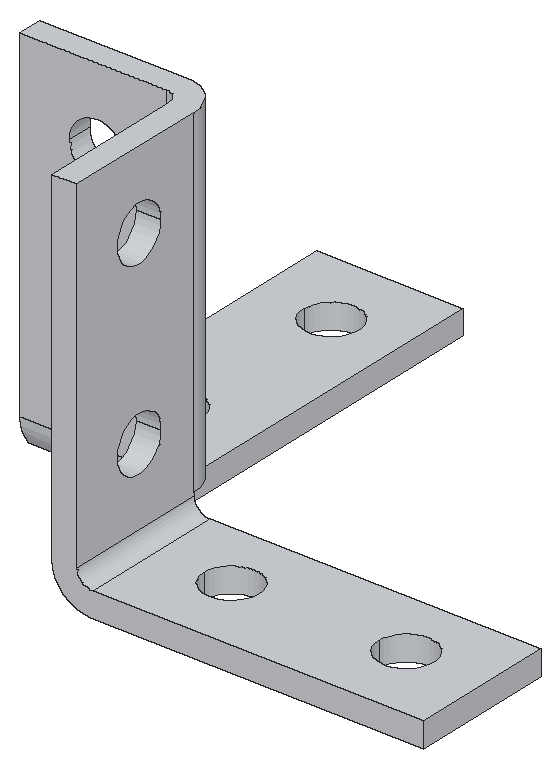
Revit family "Fitting-Wing_Shape-Unistrut-P2225", category Specialty Equipment, Revit 2012
Parameters (values of type "P2225")
  ecoScorecard_data = "http://products.ecoscorecard.com/atkore/P2225"
  ecoScorecard Product Page = "http://products.ecoscorecard.com/atkore/P2225?action=html"
  Weight Per Piece = 1.55 lbf
  Unit = none
  Unistrut Part Number = "P2225"  # constant formula
  URL = "http://unistrut.us/index.php"
  Thickness = 1/4"
  Subcategory = "Wing Shape Fittings"  # constant formula
  Product Page URL = "http://unistrut.us/index.php?WP=cat_detail&S=S05&P=P2225"
  Power Strut Part Number = "PS 667"  # constant formula
  Part Type = "Fitting"  # constant formula
  Overall Width = 5 3/8"
  Overall Length = 5 3/8"
  Overall Height = 3 7/8"
  Model = "P2225"
  Material = ""
  Manufacturer Phone - Toll Free = "800-882-5543"  # constant formula
  Manufacturer Phone = "708-339-1610"  # constant formula
  Manufacturer Fax = "708-339-7814"  # constant formula
  Manufacturer Email = "mailto:questions@atkore.com"
  Manufacturer Address = "16100 South Lathrop Avenue, Harvey, IL 60426"  # constant formula
  Manufacturer = "Unistrut by Atkore International"  # constant formula
  Load Capacity Note = "Visit the product page for load application and capacity."  # constant formula
  Literature URL = "http://unistrut.us/index.php?WP=LItLibrary"
  Hole Diameter = 9/16"
  Cost Info = "mailto:questions@atkore.com"
  CAD URL = "http://unistrut.us/index.php?WP=CAD3d"
  Assembly Code = "D5020100"
  95 CSI = "16070"  # constant formula
  04 CSI = "26 05 48"  # constant formula
Reference planes (in)
  plane 1 "Center (Front/Back)": y = 0
  plane 2: z = 0
  plane 3 "Center (Left/Right)": x = 0
  plane 4: z = 3.875
  plane 5: x = -2.6875
  plane 6: x = 2.6875
  plane 7: y = -1.05444
  plane 8: y = 2.69556
  plane 9: x = -1.0625
  plane 10: x = 2.6875
  plane 11: y = -2.67944
  plane 12: z = 0.25
Dimensions and locks (in)
  "Overall Height": plane 4 to plane 2
  equal spacing: plane 5, plane 3 "Center (Left/Right)", plane 6
  "Overall Width": plane 5 to plane 6
  plane 9 to plane 10 = 3 3/4"
  "Overall Length": plane 8 to plane 11
  "Thickness": plane 12 to plane 2
  aligned and locked: level to plane 2
  aligned and locked: plane 3 "Center (Left/Right)" to nested 1
  aligned and locked: nested 1 to plane 7
Nested families (in)
  nested 1: "2225" at (-0.00767, 0, 0), type "2225"
Definition of nested family "2225"
  Parameters (values of type "2225")
    Width = 5 3/8"
    Unit = none
    Thickness = 1/4"
    Height = 3 7/8"
    Radiuis = Diameter / 2  # 9/32"
    Length = 5 3/8"
    Diameter = 9/16"
    Default Elevation = 0"
    Bolt Length [instance] = 1 1/2"
  Reference planes (in)
    plane 1 "Center (Front/Back)": y = 0.00806
    plane 2: z = 0
    plane 3 "Center (Left/Right)": x = 0.00767
    plane 4: z = 3.875
    plane 5: y = -1.05444
    plane 6: y = 2.69556
    plane 7: y = -2.67944
    plane 8: x = -1.05483
    plane 9: x = 2.69517
    plane 10: x = -2.67983
    plane 11: y = -1.05444
    plane 12: z = 0.3937
    plane 13: y = -2.67944
  Forms (in)
    Extrusion 1, solid
      sketch origin (0, 0.00806, 0) x (1, 0, 0) y (0, 0, 1)
        loop
          line (-0.80483, 0.40748) -> (-0.80483, 3.875) -> (-1.05483, 3.875) -> (-1.05483, 0.3937)
          arc (-1.05483, 0.3937) -> (-0.93951, 0.11531) -> (-0.66113, 0) r 0.3937
          line (-0.66113, 0) -> (2.69517, 0) -> (2.69517, 0.25) -> (-0.64735, 0.25)
          arc (-0.64735, 0.25) -> (-0.7587, 0.29612) -> (-0.80483, 0.40748) r 0.15748
      from 1.21192 to 2.6875
    Extrusion 2, solid
      sketch origin (0.00767, 0, 0) x (0, 1, 0) y (0, 0, 1)
        loop
          line (-0.80444, 3.875) -> (-1.05444, 3.875) -> (-1.05444, 0.3937)
          arc (-1.05444, 0.3937) -> (-0.93913, 0.11531) -> (-0.66074, 0) r 0.3937
          line (-0.66074, 0) -> (2.69556, 0) -> (2.69556, 0.25) -> (-0.64696, 0.25)
          arc (-0.64696, 0.25) -> (-0.75832, 0.29612) -> (-0.80444, 0.40748) r 0.15748
          line (-0.80444, 0.40748) -> (-0.80444, 3.875)
      from -2.6875 to -1.21231
    Extrusion 3, solid
      sketch origin (0, 0, 0) x (1, 0, 0) y (0, 1, 0)
        loop
          line (-1.20463, -0.80444) -> (-1.20463, -1.05444)
          arc (-1.20463, -1.05444) -> (-1.09873, -1.09807) -> (-1.05483, -1.20386) r 0.14942
          line (-1.05483, -1.20386) -> (-0.80483, -1.20386)
          arc (-0.80483, -1.20386) -> (-0.92206, -0.92141) -> (-1.20463, -0.80444) r 0.39981
      from 0.43971 to 3.875
    Extrusion 4, void
      sketch origin (0, 0.00806, 0) x (1, 0, 0) y (0, 0, 1)
        loop
          circle (-1.89725, 3.08468) r 0.28125
        loop
          circle (-1.89725, 1.18065) r 0.28125
      from 0.8125 to 1.0625
    Extrusion 5, void
      sketch origin (0.00767, 0, 0) x (0, 1, 0) y (0, 0, 1)
        loop
          circle (-1.89713, 3.08842) r 0.28125
        loop
          circle (-1.89713, 1.18237) r 0.28125
      from -1.0625 to -0.8125
    Extrusion 6, void
      sketch origin (0, 0, 0) x (1, 0, 0) y (0, 1, 0)
        loop
          circle (1.89565, -1.89713) r 0.28125
        loop
          circle (0.1328, -1.89713) r 0.28125
        loop
          circle (-1.99331, 0.0326) r 0.28125
        loop
          circle (-1.90351, 1.90426) r 0.28125
      from 0 to 0.25
  Cuts and joins
    Extrusion 5, Extrusion 6 cuts Extrusion 1
    Extrusion 4, Extrusion 6 cuts Extrusion 2
    joined: Extrusion 1, Extrusion 2, Extrusion 3
  Dimensions and locks (in)
    level to Extrusion 1 = 3 7/8"
    level to Extrusion 2 = 3 7/8"
    "Height": plane 4 to plane 2
    plane 6 to plane 5 = 3 3/4"
    "Length": plane 6 to plane 7
    plane 8 to plane 9 = 3 3/4"
    "Length": plane 10 to plane 9
    equal spacing: plane 10, plane 3 "Center (Left/Right)", plane 9
    equal spacing: plane 6, plane 1 "Center (Front/Back)", plane 7
    "Thickness": Extrusion 2 sketch curve to plane 11
    "Thickness": Extrusion 2 sketch curve to Extrusion 2 sketch curve
    "Thickness": plane 8 to Extrusion 1 sketch curve
    "Thickness": Extrusion 1 sketch curve to plane 2
    plane 6 to plane 13 = 5 3/8"
    "Radiuis": radius of Extrusion 4 sketch curve  (x2)
    "Radiuis": radius of Extrusion 5 sketch curve  (x2)
    "Radiuis": radius of Extrusion 6 sketch curve  (x4)
    aligned and locked: level to plane 2
    aligned and locked: plane 4 to Extrusion 1 sketch curve
    aligned and locked: plane 4 to Extrusion 2 sketch curve
    aligned and locked: plane 6 to Extrusion 2 sketch curve
    aligned and locked: plane 9 to Extrusion 1 sketch curve
    aligned and locked: Extrusion 2 to Extrusion 4
    aligned and locked: Extrusion 6 to level
    aligned and locked: Extrusion 6 to Extrusion 2
    aligned and locked: plane 8 to Extrusion 1 sketch curve
    aligned and locked: Extrusion 1 to Extrusion 5  (x2)
    aligned and locked: plane 4 to Extrusion 3
    aligned and locked: Extrusion 3 sketch curve to cut or joined group of Extrusion 1, Extrusion 2, Extrusion 3, Extrusion 4, Extrusion 5, Extrusion 6  (x2)
    aligned and locked: Extrusion 3 sketch curve to Extrusion 3 sketch curve
  Automatic sketch dimensions
    Extrusion 1 sketch curve to Extrusion 1 sketch curve = 0.01378"
    Extrusion 1 sketch curve to level = 0"
    level to Extrusion 1 sketch curve = 0.3937"
    Extrusion 2 sketch curve to Extrusion 2 sketch curve = 0.01378"  (x2)
    Extrusion 2 sketch curve to level = 0"
    plane 1 "Center (Front/Back)" to Extrusion 2 sketch curve = 0.65502"
    level to Extrusion 4 sketch curve = 1.18065"
    Extrusion 4 sketch curve to plane 4 = 0.79032"
    level to Extrusion 5 sketch curve = 1.18237"
    Extrusion 5 sketch curve to plane 4 = 0.78658"
    Extrusion 6 sketch curve to plane 3 "Center (Left/Right)" = 2.00098"
    plane 3 "Center (Left/Right)" to Extrusion 6 sketch curve = 0.12512"
    Extrusion 6 sketch curve to plane 1 "Center (Front/Back)" = 0.02455"
    Extrusion 6 sketch curve to plane 6 = 0.7913"
    plane 7 to Extrusion 5 sketch curve = 0.78231"  (x2)
    plane 7 to Extrusion 6 sketch curve = 0.78231"  (x2)
    plane 9 to Extrusion 6 sketch curve = 0.79952"
    Extrusion 4 sketch curve to plane 10 = 0.78258"  (x2)
    Extrusion 6 sketch curve to plane 10 = 0.77631"
    Extrusion 3 sketch curve to plane 5 = 0"
    Extrusion 3 sketch curve to plane 8 = 1/4"
    Extrusion 3 sketch curve to Extrusion 3 sketch curve = 0.14942"
    Extrusion 3 sketch curve to Extrusion 3 sketch curve = 0.00038"
